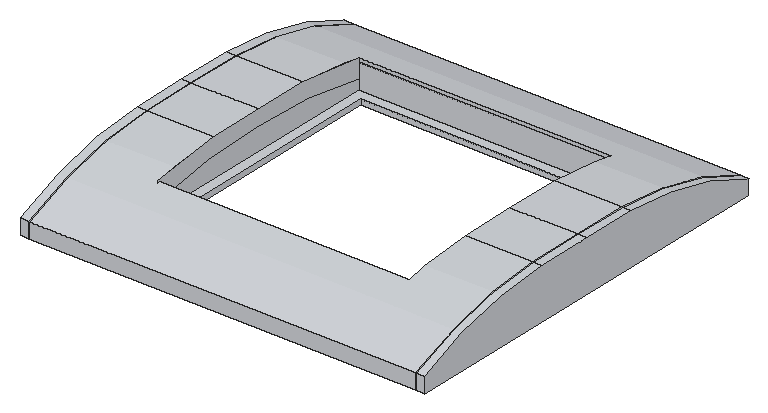
Revit family "Gira_0211738", category Electrical Fixtures, host Face, Revit 2017
Family settings
  Host = Face
  Maintain Annotation Orientation = No
  Round Connector Dimension = Use Diameter
  Part Type = Normal
  Cut with Voids When Loaded = No
  Shared = No
  Room Calculation Point = No
Parameters (values of type "Abdeckrahmen 1f Zwischenr. AN Gira Event Klar Schwarz")
  Werkstoffgüte = "Thermoplast"
  Werkstoff = "Kunststoff"
  URL = "http://katalog.gira.de/de_DE/datenblatt.html?artikelnr=0211738"
  Transparent = "No"
  Textfeld/Beschriftungsfläche = "No"
  Schutzart (IP) = "IP20"
  Region = "DE"
  Oberfläche = "sonstige"
  Name = "Abdeckrahmen 1f Zwischenr. AN Gira Event Klar Schwarz"
  Montagerichtung = "horizontal und vertikal"
  Mit Montagerahmen = "No"
  Mit Klappdeckel = "No"
  Manufacturer URL = "https://www.gira.de/"
  Keynote = "Event_Rahmen_1fach"
  HeinzeBIM = "https://bimportal.heinze.de/bim/abdeckrahmen-1f-zwischenr-an-gira-event-klar-schwarz/7af9d2a2f918a6729f966f12fdc1d69e356a9f35"
  Halogenfrei = "Yes"
  HAN = "0211738"
  Geeignet für Unterputz-Installation = "Yes"
  Geeignet für Unterflurkanaldose = "No"
  Geeignet für Geräteeinbaukanal = "No"
  Geeignet für Einbauinstallation = "No"
  GTIN = "4010337068907"
  Farbe = "schwarz"
  Default Elevation = 1219.2 mm
  Data sheet (1) = "https://katalog.gira.de/de_DE/download.html?artikelnr=0211738"
  Category = "Abdeckrahmen"
  Befestigungsart = "Klemmbefestigung"
  Available = "Yes"
  Ausführung der Oberfläche = "glänzend"
  Anzahl der Einheiten vertikal = "1 "
  Anzahl der Einheiten horizontal = "1 "
  Anzahl der Einheiten = "1 "
Reference planes
  plane 1 "Center (Front/Back)": y = 0
  plane 2: z = 0
  plane 3 "Center (Left/Right)": x = 0
Forms (mm)
  Extrusion 1, solid, detail levels fine
    sketch origin (0, 0, 1.55) x (0, 1, 0) y (0, 0, 1)
      loop
        arc (12.445, 9.683) -> (6.223, 9.833) -> (0, 9.85) r 291.636
        arc (0, 9.85) -> (-6.223, 9.833) -> (-12.445, 9.683) r 291.636
        arc (-12.445, 9.683) -> (-29.14, 7.482) -> (-45, 1.823) r 79.728
        line (-45, 1.823) -> (-45, -1.55) -> (-41.777, -1.55) -> (-41.777, -0.55)
        arc (-41.777, -0.55) -> (-21.205, 4.846) -> (0, 6.467) r 118.15
        arc (0, 6.467) -> (21.205, 4.846) -> (41.777, -0.55) r 118.15
        line (41.777, -0.55) -> (41.777, -1.55) -> (45, -1.55) -> (45, 1.823)
        arc (45, 1.823) -> (29.14, 7.482) -> (12.445, 9.683) r 79.728
    from -43 to 43
  Extrusion 2, void, detail levels fine
    sketch origin (0, 0, 0) x (1, 0, 0) y (0, 1, 0)
      loop
        line (-28, -28) -> (28, -28) -> (28, 28) -> (-28, 28) -> (-28, -28)
    from 2.85 to 12
  Extrusion 3, solid, detail levels coarse
    sketch origin (0, 0, 0) x (1, 0, 0) y (0, 1, 0)
      loop
        line (-45, 45) -> (-45, -45) -> (45, -45) -> (45, 45) -> (-45, 45)
    from 0 to 11.4
  Extrusion 4, solid, detail levels medium
    sketch origin (0, 0, 1.55) x (0, 1, 0) y (0, 0, 1)
      loop
        arc (12.445, 9.683) -> (6.223, 9.833) -> (0, 9.85) r 291.636
        arc (0, 9.85) -> (-6.223, 9.833) -> (-12.445, 9.683) r 291.636
        arc (-12.445, 9.683) -> (-29.14, 7.482) -> (-45, 1.823) r 79.728
        line (-45, 1.823) -> (-45, -1.55) -> (45, -1.55) -> (45, 1.823)
        arc (45, 1.823) -> (29.14, 7.482) -> (12.445, 9.683) r 79.728
    from -45 to 45
  Extrusion 5, solid, detail levels fine
    sketch origin (0, 0, 0) x (0, 1, 0) y (0, 0, 1)
      loop
        arc (45, 3.373) -> (29.14, 9.032) -> (12.445, 11.233) r 79.728
        arc (12.445, 11.233) -> (6.223, 11.383) -> (0, 11.4) r 291.636
        arc (0, 11.4) -> (-6.223, 11.383) -> (-12.445, 11.233) r 291.636
        arc (-12.445, 11.233) -> (-29.14, 9.032) -> (-45, 3.373) r 79.728
        line (-45, 3.373) -> (-45, 0) -> (45, 0) -> (45, 3.373)
    from 43 to 45
  Extrusion 6, solid, detail levels fine
    sketch origin (0, 0, 0) x (0, 1, 0) y (0, 0, -1)
      loop
        line (45, -3.373) -> (45, 0) -> (-45, 0) -> (-45, -3.373)
        arc (-45, -3.373) -> (-29.14, -9.032) -> (-12.445, -11.233) r 79.728
        arc (-12.445, -11.233) -> (-6.223, -11.383) -> (0, -11.4) r 291.636
        arc (0, -11.4) -> (6.223, -11.383) -> (12.445, -11.233) r 291.636
        arc (12.445, -11.233) -> (29.14, -9.032) -> (45, -3.373) r 79.728
    from 43 to 45
  Extrusion 7, solid, detail levels fine
    sketch origin (0, 0, 0) x (1, 0, 0) y (0, 1, 0)
      loop
        line (-25.7, 25.7) -> (-25.7, -25.7) -> (25.7, -25.7) -> (25.7, 25.7) -> (-25.7, 25.7)
      loop
        line (-29.495, 27.895) -> (-29.495, -27.895)
        spline (-29.495, -27.895) -> (-29.486, -28.025) -> (-29.461, -28.154) -> (-29.419, -28.278) -> (-29.361, -28.395) -> (-29.288, -28.504) -> (-29.202, -28.602) -> (-29.104, -28.688) -> (-28.995, -28.761) -> (-28.878, -28.819) -> (-28.754, -28.861) -> (-28.625, -28.886) -> (-28.495, -28.895)
        line (-28.495, -28.895) -> (28.495, -28.895)
        spline (28.495, -28.895) -> (28.625, -28.886) -> (28.754, -28.861) -> (28.878, -28.819) -> (28.995, -28.761) -> (29.104, -28.688) -> (29.202, -28.602) -> (29.288, -28.504) -> (29.361, -28.395) -> (29.419, -28.278) -> (29.461, -28.154) -> (29.486, -28.025) -> (29.495, -27.895)
        line (29.495, -27.895) -> (29.495, 27.895)
        spline (29.495, 27.895) -> (29.486, 28.025) -> (29.461, 28.154) -> (29.419, 28.278) -> (29.361, 28.395) -> (29.288, 28.504) -> (29.202, 28.602) -> (29.104, 28.688) -> (28.995, 28.761) -> (28.878, 28.819) -> (28.754, 28.861) -> (28.625, 28.886) -> (28.495, 28.895)
        line (28.495, 28.895) -> (-28.495, 28.895)
        spline (-28.495, 28.895) -> (-28.625, 28.886) -> (-28.754, 28.861) -> (-28.878, 28.819) -> (-28.995, 28.761) -> (-29.104, 28.688) -> (-29.202, 28.602) -> (-29.288, 28.504) -> (-29.361, 28.395) -> (-29.419, 28.278) -> (-29.461, 28.154) -> (-29.486, 28.025) -> (-29.495, 27.895)
    from 1.673 to 8.5
Cuts and joins
  Extrusion 2 cuts Extrusion 1
  Extrusion 2 cuts Extrusion 7
Dimensions and locks
  aligned and locked: plane 2 to host face
  aligned and locked: level to host face
